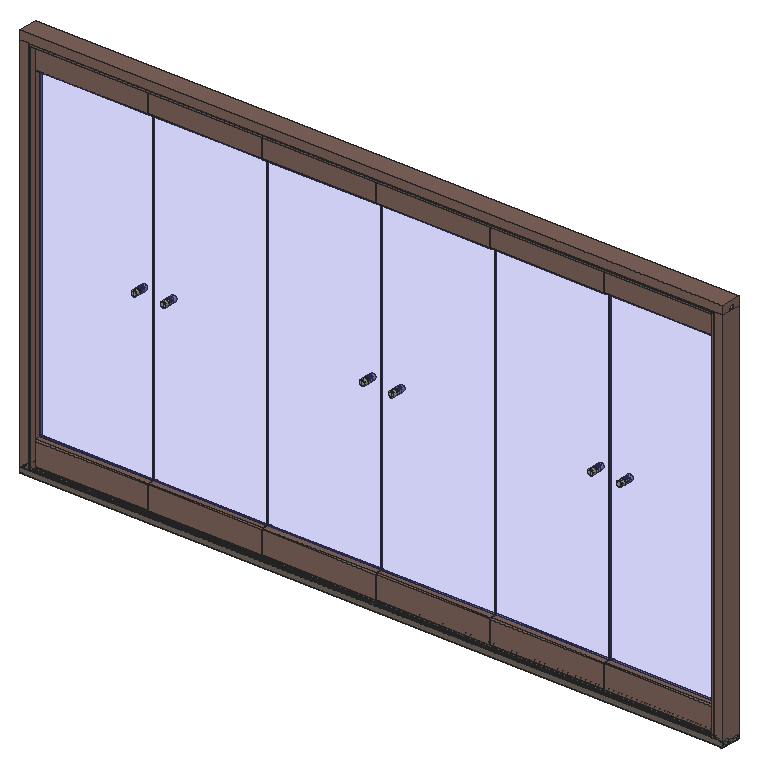
Revit family "FL6L", category Doors, host Wall, Revit 2015
Parameters (values of type "FL6L")
  Function = Interior
  Frame Projection Ext. = 25 mm
  Frame Projection Int. = 25 mm
  Frame Width = 75 mm
  Height = 2100 mm
  Wall Closure = By host
  Width = 3720 mm
Reference planes
  plane 1: y = 0
  plane 2 "Center (Left/Right)": x = 0
  plane 3 "Left": x = -1860
  plane 4 "Right": x = 1860
  plane 5: z = 2100
  plane 6 "Exterior": y = 75
  plane 7 "Interior": y = -75
  plane 8: x = 1815
  plane 9: x = -1815
  plane 10: x = -1810
  plane 11: x = -1210
  plane 12: x = -1206
  plane 13: x = -606
  plane 14: x = -602
  plane 15: x = -2
  plane 16: x = 2
  plane 17: x = 602
  plane 18: x = 606
  plane 19: x = 1206
  plane 20: x = 1210
  plane 21: x = 1810
Forms (mm)
  Extrusion 1, solid, material "Aluminium Cill (Bronze)"
    sketch origin (0, 79.18, -119.746) x (0, 1, 0) y (0, 0, 1)
      loop
        line (-26.68, 120.746) -> (-26.68, 135.746)
        arc (-26.68, 135.746) -> (-27.558, 137.867) -> (-29.68, 138.746) r 3
        line (-29.68, 138.746) -> (-40.947, 138.746)
        arc (-40.947, 138.746) -> (-42.68, 137.746) -> (-44.412, 138.746) r 2
        line (-44.412, 138.746) -> (-48.947, 138.746)
        arc (-48.947, 138.746) -> (-50.68, 137.746) -> (-52.412, 138.746) r 2
        line (-52.412, 138.746) -> (-56.947, 138.746)
        arc (-56.947, 138.746) -> (-58.68, 137.746) -> (-60.412, 138.746) r 2
        line (-60.412, 138.746) -> (-67.18, 138.746) -> (-67.18, 135.246)
        arc (-67.18, 135.246) -> (-67.619, 134.185) -> (-68.68, 133.746) r 1.5
        line (-68.68, 133.746) -> (-73.43, 133.746) -> (-73.43, 135.746) -> (-71.996, 135.746)
        arc (-71.996, 135.746) -> (-74.68, 138.746) -> (-77.363, 135.746) r 2.7
        line (-77.363, 135.746) -> (-75.93, 135.746) -> (-75.93, 133.746) -> (-80.68, 133.746)
        arc (-80.68, 133.746) -> (-81.74, 134.185) -> (-82.18, 135.246) r 1.5
        line (-82.18, 135.246) -> (-82.18, 138.746) -> (-90.432, 138.746) -> (-98.68, 138.746) -> (-98.68, 143.746)
        arc (-98.68, 143.746) -> (-99.18, 144.246) -> (-99.68, 143.746) r 0.5
        line (-99.68, 143.746) -> (-99.68, 142.734) -> (-100.88, 142.734) -> (-100.88, 150.246) -> (-99.68, 150.246) -> (-99.68, 149.246)
        arc (-99.68, 149.246) -> (-99.18, 148.746) -> (-98.68, 149.246) r 0.5
        line (-98.68, 149.246) -> (-98.68, 150.746)
        arc (-98.68, 150.746) -> (-98.972, 151.453) -> (-99.68, 151.746) r 1
        line (-99.68, 151.746) -> (-109.447, 151.746)
        arc (-109.447, 151.746) -> (-111.18, 150.746) -> (-112.912, 151.746) r 2
        line (-112.912, 151.746) -> (-117.447, 151.746)
        arc (-117.447, 151.746) -> (-119.18, 150.746) -> (-120.912, 151.746) r 2
        line (-120.912, 151.746) -> (-130.68, 151.746)
        arc (-130.68, 151.746) -> (-131.387, 151.453) -> (-131.68, 150.746) r 1
        line (-131.68, 150.746) -> (-131.68, 120.746)
        arc (-131.68, 120.746) -> (-131.387, 120.039) -> (-130.68, 119.746) r 1
        line (-130.68, 119.746) -> (-27.68, 119.746)
        arc (-27.68, 119.746) -> (-26.972, 120.039) -> (-26.68, 120.746) r 1
      loop
        line (-29.68, 137.246) -> (-40.23, 137.246)
        arc (-40.23, 137.246) -> (-42.68, 136.246) -> (-45.129, 137.246) r 3.5
        line (-45.129, 137.246) -> (-48.23, 137.246)
        arc (-48.23, 137.246) -> (-50.68, 136.246) -> (-53.129, 137.246) r 3.5
        line (-53.129, 137.246) -> (-56.23, 137.246)
        arc (-56.23, 137.246) -> (-58.68, 136.246) -> (-61.129, 137.246) r 3.5
        line (-61.129, 137.246) -> (-65.68, 137.246) -> (-65.68, 135.246)
        arc (-65.68, 135.246) -> (-66.558, 133.125) -> (-68.68, 132.246) r 3
        line (-68.68, 132.246) -> (-73.93, 132.246) -> (-73.93, 121.246) -> (-28.18, 121.246) -> (-28.18, 135.746)
        arc (-28.18, 135.746) -> (-28.619, 136.807) -> (-29.68, 137.246) r 1.5
      loop
        line (-75.43, 132.246) -> (-80.68, 132.246)
        arc (-80.68, 132.246) -> (-82.801, 133.125) -> (-83.68, 135.246) r 3
        line (-83.68, 135.246) -> (-83.68, 137.246) -> (-98.68, 137.246) -> (-98.68, 121.246) -> (-75.43, 121.246) -> (-75.43, 132.246)
      loop
        line (-100.18, 121.246) -> (-100.18, 141.246) -> (-102.38, 141.246) -> (-102.38, 150.246) -> (-108.73, 150.246)
        arc (-108.73, 150.246) -> (-111.18, 149.246) -> (-113.629, 150.246) r 3.5
        line (-113.629, 150.246) -> (-116.73, 150.246)
        arc (-116.73, 150.246) -> (-119.18, 149.246) -> (-121.629, 150.246) r 3.5
        line (-121.629, 150.246) -> (-130.18, 150.246) -> (-130.18, 121.246) -> (-100.18, 121.246)
    from -1860 to 1860
  Extrusion 2, solid, material "Meranti (Frameless)"
    sketch origin (0, 0, 0) x (0, 1, 0) y (0, 0, 1)
      loop
        line (52.5, 2100) -> (-52.5, 2100) -> (-52.5, 2055) -> (-6.5, 2055) -> (-6.5, 2075) -> (15.5, 2075) -> (15.5, 2055) -> (52.5, 2055) -> (52.5, 2100)
    from -1860 to 1860
  Extrusion 3, solid, material "Meranti (Frameless)"
    sketch origin (0, 0, 0) x (1, 0, 0) y (0, 1, 0)
      loop
        line (-1860, 52.5) -> (-1860, -52.5) -> (-1815, -52.5) -> (-1815, 24.5) -> (-1827, 24.5) -> (-1827, 52.5) -> (-1860, 52.5)
      loop
        line (1860, 52.5) -> (1827, 52.5) -> (1827, 24.5) -> (1815, 24.5) -> (1815, -52.5) -> (1860, -52.5) -> (1860, 52.5)
    from 32 to 2055
  Extrusion 4, solid, material "Meranti (Frameless)"
    sketch origin (0, 0, 0) x (1, 0, 0) y (0, 1, 0)
      loop
        line (-1860, 52.5) -> (-1860, -19.5) -> (-1815, -19.5) -> (-1815, 24.5) -> (-1827, 24.5) -> (-1827, 52.5) -> (-1860, 52.5)
      loop
        line (1860, 52.5) -> (1827, 52.5) -> (1827, 24.5) -> (1815, 24.5) -> (1815, -19.5) -> (1860, -19.5) -> (1860, 52.5)
    from 19 to 32
  Extrusion 5, solid, material "Meranti (Frameless)"
    sketch origin (0, 0, 0) x (0, 1, 0) y (0, 0, 1)
      loop
        line (-52.5, 2052) -> (-52.5, 2042) -> (-26.5, 2042) -> (-26.5, 2045.5) -> (-33.5, 2045.5) -> (-33.5, 2048.5) -> (-26.5, 2048.5) -> (-26.5, 2055) -> (-49.5, 2055) -> (-49.5, 2052) -> (-52.5, 2052)
    from -1815 to 1815
  Extrusion 6, solid, material "Meranti (Frameless)"
    sketch origin (0, 0, 0) x (1, 0, 0) y (0, 1, 0)
      loop
        line (-1812, -52.5) -> (-1802, -52.5) -> (-1802, -26.5) -> (-1805.5, -26.5) -> (-1805.5, -33.5) -> (-1808.5, -33.5) -> (-1808.5, -26.5) -> (-1815, -26.5) -> (-1815, -49.5) -> (-1812, -49.5) -> (-1812, -52.5)
      loop
        line (1812, -52.5) -> (1812, -49.5) -> (1815, -49.5) -> (1815, -26.5) -> (1808.5, -26.5) -> (1808.5, -33.5) -> (1805.5, -33.5) -> (1805.5, -26.5) -> (1802, -26.5) -> (1802, -52.5) -> (1812, -52.5)
    from 32 to 2042
  Extrusion 7, solid, material "Steel, Chrome Plated"
    sketch origin (667.231, -1.5, 0) x (0, 1, 0) y (0, 0, 1)
      loop
        line (16.5, 2075) -> (-4.5, 2075) -> (-4.5, 2055) -> (-2.3, 2055) -> (-2.3, 2072.8) -> (14.3, 2072.8) -> (14.3, 2055) -> (16.5, 2055) -> (16.5, 2075)
    from -2527.231 to 1192.769
  Extrusion 8, solid, material "Meranti (Frameless)"
    sketch origin (900, 0, 0) x (0, 1, 0) y (0, 0, 1)
      loop
        line (24.5, 24) -> (24.5, 112) -> (13, 112) -> (13, 162) -> (-15.5, 162) -> (-20.5, 157) -> (-20.5, 37) -> (-15.5, 37) -> (-15.5, 24) -> (24.5, 24)
      loop
        line (24.5, 2050) -> (-20.5, 2050) -> (-20.5, 1917) -> (-15.5, 1912) -> (13, 1912) -> (13, 1962) -> (24.5, 1962) -> (24.5, 2050)
    from 310 to 910
  Extrusion 9, solid, material "Glass"
    sketch origin (1373.601, -93.1, -804.253) x (1, 0, 0) y (0, 0, 1)
      loop
        line (-163.601, 2766.253) -> (-163.601, 916.253) -> (436.399, 916.253) -> (436.399, 2766.253) -> (-163.601, 2766.253)
    from -116.1 to -106.1
  Extrusion 10, solid, material "Rubber, Black"
    sketch origin (902.5, 0, 0) x (0, 1, 0) y (0, 0, 1)
      loop
        line (24.5, 112) -> (24.5, 162) -> (23, 162) -> (23, 112) -> (24.5, 112)
      loop
        line (24.5, 1912) -> (24.5, 1962) -> (23, 1962) -> (23, 1912) -> (24.5, 1912)
    from 307.5 to 907.5
  Revolve 11, solid, material "Steel, S 460"
    sketch origin (1360, 0, 0) x (0, 1, 0) y (0, 0, 1)
      loop
        line (24.5, 1941.5) -> (31.5, 1941.5) -> (31.5, 1950) -> (29.5, 1952) -> (24.5, 1952) -> (24.5, 1941.5)
      axis (31.5, 1937) -> (24.5, 1937)
    angle from 0 to 360
  Revolve 12, solid, material "Steel, S 460"
    sketch origin (1660, 0, 0) x (0, 1, 0) y (0, 0, -1)
      loop
        line (24.5, -1941.5) -> (24.5, -1952) -> (29.5, -1952) -> (31.5, -1950) -> (31.5, -1941.5) -> (24.5, -1941.5)
      axis (31.5, -1937) -> (24.5, -1937)
    angle from 0 to 360
  Revolve 13, solid, material "Steel, S 460"
    sketch origin (1360, 0, -1800) x (0, 1, 0) y (0, 0, 1)
      loop
        line (24.5, 1941.5) -> (31.5, 1941.5) -> (31.5, 1950) -> (29.5, 1952) -> (24.5, 1952) -> (24.5, 1941.5)
      axis (31.5, 1937) -> (24.5, 1937)
    angle from 0 to 360
  Revolve 14, solid, material "Steel, S 460"
    sketch origin (1660, 0, -1800) x (0, 1, 0) y (0, 0, -1)
      loop
        line (24.5, -1941.5) -> (24.5, -1952) -> (29.5, -1952) -> (31.5, -1950) -> (31.5, -1941.5) -> (24.5, -1941.5)
      axis (31.5, -1937) -> (24.5, -1937)
    angle from 0 to 360
  Revolve 15, solid, material "Steel, Chrome Plated"
    sketch origin (1285, -128.249, 10.323) x (0, 1, 0) y (0, 0, 1)
      loop
        line (151.249, 1026.677) -> (181.249, 1026.677) -> (181.249, 1040.677) -> (180.249, 1041.677) -> (164.249, 1041.677) -> (159.249, 1036.677) -> (154.249, 1041.677) -> (151.249, 1041.677) -> (151.249, 1026.677)
      axis (181.249, 1026.677) -> (151.249, 1026.677)
    angle from 0 to 360
  Revolve 16, solid, material "Steel, Chrome Plated"
    sketch origin (1285, 164.249, 10.323) x (0, -1, 0) y (0, 0, -1)
      loop
        line (151.249, -1026.677) -> (151.249, -1041.677) -> (154.249, -1041.677) -> (159.249, -1036.677) -> (164.249, -1041.677) -> (180.249, -1041.677) -> (181.249, -1040.677) -> (181.249, -1026.677) -> (151.249, -1026.677)
      axis (181.249, -1026.677) -> (151.249, -1026.677)
    angle from 0 to 360
  Extrusion 17, solid, material "Meranti (Frameless)"
    sketch origin (296, 0, 0) x (0, 1, 0) y (0, 0, 1)
      loop
        line (24.5, 24) -> (24.5, 112) -> (13, 112) -> (13, 162) -> (-15.5, 162) -> (-20.5, 157) -> (-20.5, 37) -> (-15.5, 37) -> (-15.5, 24) -> (24.5, 24)
      loop
        line (24.5, 2050) -> (-20.5, 2050) -> (-20.5, 1917) -> (-15.5, 1912) -> (13, 1912) -> (13, 1962) -> (24.5, 1962) -> (24.5, 2050)
    from 310 to 910
  Extrusion 18, solid, material "Glass"
    sketch origin (769.601, -93.1, -804.253) x (1, 0, 0) y (0, 0, 1)
      loop
        line (-163.601, 2766.253) -> (-163.601, 916.253) -> (436.399, 916.253) -> (436.399, 2766.253) -> (-163.601, 2766.253)
    from -116.1 to -106.1
  Extrusion 19, solid, material "Rubber, Black"
    sketch origin (298.5, 0, 0) x (0, 1, 0) y (0, 0, 1)
      loop
        line (24.5, 112) -> (24.5, 162) -> (23, 162) -> (23, 112) -> (24.5, 112)
      loop
        line (24.5, 1912) -> (24.5, 1962) -> (23, 1962) -> (23, 1912) -> (24.5, 1912)
    from 307.5 to 907.5
  Revolve 20, solid, material "Steel, S 460"
    sketch origin (756, 0, 0) x (0, 1, 0) y (0, 0, 1)
      loop
        line (24.5, 1941.5) -> (31.5, 1941.5) -> (31.5, 1950) -> (29.5, 1952) -> (24.5, 1952) -> (24.5, 1941.5)
      axis (31.5, 1937) -> (24.5, 1937)
    angle from 0 to 360
  Revolve 21, solid, material "Steel, S 460"
    sketch origin (1056, 0, 0) x (0, 1, 0) y (0, 0, -1)
      loop
        line (24.5, -1941.5) -> (24.5, -1952) -> (29.5, -1952) -> (31.5, -1950) -> (31.5, -1941.5) -> (24.5, -1941.5)
      axis (31.5, -1937) -> (24.5, -1937)
    angle from 0 to 360
  Revolve 22, solid, material "Steel, S 460"
    sketch origin (756, 0, -1800) x (0, 1, 0) y (0, 0, 1)
      loop
        line (24.5, 1941.5) -> (31.5, 1941.5) -> (31.5, 1950) -> (29.5, 1952) -> (24.5, 1952) -> (24.5, 1941.5)
      axis (31.5, 1937) -> (24.5, 1937)
    angle from 0 to 360
  Revolve 23, solid, material "Steel, S 460"
    sketch origin (1056, 0, -1800) x (0, 1, 0) y (0, 0, -1)
      loop
        line (24.5, -1941.5) -> (24.5, -1952) -> (29.5, -1952) -> (31.5, -1950) -> (31.5, -1941.5) -> (24.5, -1941.5)
      axis (31.5, -1937) -> (24.5, -1937)
    angle from 0 to 360
  Extrusion 24, solid, material "Meranti (Frameless)"
    sketch origin (-308, 0, 0) x (0, 1, 0) y (0, 0, 1)
      loop
        line (24.5, 24) -> (24.5, 112) -> (13, 112) -> (13, 162) -> (-15.5, 162) -> (-20.5, 157) -> (-20.5, 37) -> (-15.5, 37) -> (-15.5, 24) -> (24.5, 24)
      loop
        line (24.5, 2050) -> (-20.5, 2050) -> (-20.5, 1917) -> (-15.5, 1912) -> (13, 1912) -> (13, 1962) -> (24.5, 1962) -> (24.5, 2050)
    from 310 to 910
  Extrusion 25, solid, material "Glass"
    sketch origin (165.601, -93.1, -804.253) x (1, 0, 0) y (0, 0, 1)
      loop
        line (-163.601, 2766.253) -> (-163.601, 916.253) -> (436.399, 916.253) -> (436.399, 2766.253) -> (-163.601, 2766.253)
    from -116.1 to -106.1
  Extrusion 26, solid, material "Rubber, Black"
    sketch origin (-305.5, 0, 0) x (0, 1, 0) y (0, 0, 1)
      loop
        line (24.5, 112) -> (24.5, 162) -> (23, 162) -> (23, 112) -> (24.5, 112)
      loop
        line (24.5, 1912) -> (24.5, 1962) -> (23, 1962) -> (23, 1912) -> (24.5, 1912)
    from 307.5 to 907.5
  Revolve 27, solid, material "Steel, S 460"
    sketch origin (152, 0, 0) x (0, 1, 0) y (0, 0, 1)
      loop
        line (24.5, 1941.5) -> (31.5, 1941.5) -> (31.5, 1950) -> (29.5, 1952) -> (24.5, 1952) -> (24.5, 1941.5)
      axis (31.5, 1937) -> (24.5, 1937)
    angle from 0 to 360
  Revolve 28, solid, material "Steel, S 460"
    sketch origin (452, 0, 0) x (0, 1, 0) y (0, 0, -1)
      loop
        line (24.5, -1941.5) -> (24.5, -1952) -> (29.5, -1952) -> (31.5, -1950) -> (31.5, -1941.5) -> (24.5, -1941.5)
      axis (31.5, -1937) -> (24.5, -1937)
    angle from 0 to 360
  Revolve 29, solid, material "Steel, S 460"
    sketch origin (152, 0, -1800) x (0, 1, 0) y (0, 0, 1)
      loop
        line (24.5, 1941.5) -> (31.5, 1941.5) -> (31.5, 1950) -> (29.5, 1952) -> (24.5, 1952) -> (24.5, 1941.5)
      axis (31.5, 1937) -> (24.5, 1937)
    angle from 0 to 360
  Revolve 30, solid, material "Steel, S 460"
    sketch origin (452, 0, -1800) x (0, 1, 0) y (0, 0, -1)
      loop
        line (24.5, -1941.5) -> (24.5, -1952) -> (29.5, -1952) -> (31.5, -1950) -> (31.5, -1941.5) -> (24.5, -1941.5)
      axis (31.5, -1937) -> (24.5, -1937)
    angle from 0 to 360
  Revolve 31, solid, material "Steel, Chrome Plated"
    sketch origin (77, -128.249, 10.323) x (0, 1, 0) y (0, 0, 1)
      loop
        line (151.249, 1026.677) -> (181.249, 1026.677) -> (181.249, 1040.677) -> (180.249, 1041.677) -> (164.249, 1041.677) -> (159.249, 1036.677) -> (154.249, 1041.677) -> (151.249, 1041.677) -> (151.249, 1026.677)
      axis (181.249, 1026.677) -> (151.249, 1026.677)
    angle from 0 to 360
  Revolve 32, solid, material "Steel, Chrome Plated"
    sketch origin (77, 164.249, 10.323) x (0, -1, 0) y (0, 0, -1)
      loop
        line (151.249, -1026.677) -> (151.249, -1041.677) -> (154.249, -1041.677) -> (159.249, -1036.677) -> (164.249, -1041.677) -> (180.249, -1041.677) -> (181.249, -1040.677) -> (181.249, -1026.677) -> (151.249, -1026.677)
      axis (181.249, -1026.677) -> (151.249, -1026.677)
    angle from 0 to 360
  Extrusion 33, solid, material "Meranti (Frameless)"
    sketch origin (-912, 0, 0) x (0, 1, 0) y (0, 0, 1)
      loop
        line (24.5, 24) -> (24.5, 112) -> (13, 112) -> (13, 162) -> (-15.5, 162) -> (-20.5, 157) -> (-20.5, 37) -> (-15.5, 37) -> (-15.5, 24) -> (24.5, 24)
      loop
        line (24.5, 2050) -> (-20.5, 2050) -> (-20.5, 1917) -> (-15.5, 1912) -> (13, 1912) -> (13, 1962) -> (24.5, 1962) -> (24.5, 2050)
    from 310 to 910
  Extrusion 34, solid, material "Glass"
    sketch origin (-438.399, -93.1, -804.253) x (1, 0, 0) y (0, 0, 1)
      loop
        line (-163.601, 2766.253) -> (-163.601, 916.253) -> (436.399, 916.253) -> (436.399, 2766.253) -> (-163.601, 2766.253)
    from -116.1 to -106.1
  Extrusion 35, solid, material "Rubber, Black"
    sketch origin (-909.5, 0, 0) x (0, 1, 0) y (0, 0, 1)
      loop
        line (24.5, 112) -> (24.5, 162) -> (23, 162) -> (23, 112) -> (24.5, 112)
      loop
        line (24.5, 1912) -> (24.5, 1962) -> (23, 1962) -> (23, 1912) -> (24.5, 1912)
    from 307.5 to 907.5
  Revolve 36, solid, material "Steel, S 460"
    sketch origin (-452, 0, 0) x (0, 1, 0) y (0, 0, 1)
      loop
        line (24.5, 1941.5) -> (31.5, 1941.5) -> (31.5, 1950) -> (29.5, 1952) -> (24.5, 1952) -> (24.5, 1941.5)
      axis (31.5, 1937) -> (24.5, 1937)
    angle from 0 to 360
  Revolve 37, solid, material "Steel, S 460"
    sketch origin (-152, 0, 0) x (0, 1, 0) y (0, 0, -1)
      loop
        line (24.5, -1941.5) -> (24.5, -1952) -> (29.5, -1952) -> (31.5, -1950) -> (31.5, -1941.5) -> (24.5, -1941.5)
      axis (31.5, -1937) -> (24.5, -1937)
    angle from 0 to 360
  Revolve 38, solid, material "Steel, S 460"
    sketch origin (-452, 0, -1800) x (0, 1, 0) y (0, 0, 1)
      loop
        line (24.5, 1941.5) -> (31.5, 1941.5) -> (31.5, 1950) -> (29.5, 1952) -> (24.5, 1952) -> (24.5, 1941.5)
      axis (31.5, 1937) -> (24.5, 1937)
    angle from 0 to 360
  Revolve 39, solid, material "Steel, S 460"
    sketch origin (-152, 0, -1800) x (0, 1, 0) y (0, 0, -1)
      loop
        line (24.5, -1941.5) -> (24.5, -1952) -> (29.5, -1952) -> (31.5, -1950) -> (31.5, -1941.5) -> (24.5, -1941.5)
      axis (31.5, -1937) -> (24.5, -1937)
    angle from 0 to 360
  Extrusion 40, solid, material "Meranti (Frameless)"
    sketch origin (-1516, 0, 0) x (0, 1, 0) y (0, 0, 1)
      loop
        line (24.5, 24) -> (24.5, 112) -> (13, 112) -> (13, 162) -> (-15.5, 162) -> (-20.5, 157) -> (-20.5, 37) -> (-15.5, 37) -> (-15.5, 24) -> (24.5, 24)
      loop
        line (24.5, 2050) -> (-20.5, 2050) -> (-20.5, 1917) -> (-15.5, 1912) -> (13, 1912) -> (13, 1962) -> (24.5, 1962) -> (24.5, 2050)
    from 310 to 910
  Extrusion 41, solid, material "Glass"
    sketch origin (-1042.399, -93.1, -804.253) x (1, 0, 0) y (0, 0, 1)
      loop
        line (-163.601, 2766.253) -> (-163.601, 916.253) -> (436.399, 916.253) -> (436.399, 2766.253) -> (-163.601, 2766.253)
    from -116.1 to -106.1
  Extrusion 42, solid, material "Rubber, Black"
    sketch origin (-1513.5, 0, 0) x (0, 1, 0) y (0, 0, 1)
      loop
        line (24.5, 112) -> (24.5, 162) -> (23, 162) -> (23, 112) -> (24.5, 112)
      loop
        line (24.5, 1912) -> (24.5, 1962) -> (23, 1962) -> (23, 1912) -> (24.5, 1912)
    from 307.5 to 907.5
  Revolve 43, solid, material "Steel, S 460"
    sketch origin (-1056, 0, 0) x (0, 1, 0) y (0, 0, 1)
      loop
        line (24.5, 1941.5) -> (31.5, 1941.5) -> (31.5, 1950) -> (29.5, 1952) -> (24.5, 1952) -> (24.5, 1941.5)
      axis (31.5, 1937) -> (24.5, 1937)
    angle from 0 to 360
  Revolve 44, solid, material "Steel, S 460"
    sketch origin (-756, 0, 0) x (0, 1, 0) y (0, 0, -1)
      loop
        line (24.5, -1941.5) -> (24.5, -1952) -> (29.5, -1952) -> (31.5, -1950) -> (31.5, -1941.5) -> (24.5, -1941.5)
      axis (31.5, -1937) -> (24.5, -1937)
    angle from 0 to 360
  Revolve 45, solid, material "Steel, S 460"
    sketch origin (-1056, 0, -1800) x (0, 1, 0) y (0, 0, 1)
      loop
        line (24.5, 1941.5) -> (31.5, 1941.5) -> (31.5, 1950) -> (29.5, 1952) -> (24.5, 1952) -> (24.5, 1941.5)
      axis (31.5, 1937) -> (24.5, 1937)
    angle from 0 to 360
  Revolve 46, solid, material "Steel, S 460"
    sketch origin (-756, 0, -1800) x (0, 1, 0) y (0, 0, -1)
      loop
        line (24.5, -1941.5) -> (24.5, -1952) -> (29.5, -1952) -> (31.5, -1950) -> (31.5, -1941.5) -> (24.5, -1941.5)
      axis (31.5, -1937) -> (24.5, -1937)
    angle from 0 to 360
  Revolve 47, solid, material "Steel, Chrome Plated"
    sketch origin (-1131, -128.249, 10.323) x (0, 1, 0) y (0, 0, 1)
      loop
        line (151.249, 1026.677) -> (181.249, 1026.677) -> (181.249, 1040.677) -> (180.249, 1041.677) -> (164.249, 1041.677) -> (159.249, 1036.677) -> (154.249, 1041.677) -> (151.249, 1041.677) -> (151.249, 1026.677)
      axis (181.249, 1026.677) -> (151.249, 1026.677)
    angle from 0 to 360
  Revolve 48, solid, material "Steel, Chrome Plated"
    sketch origin (-1131, 164.249, 10.323) x (0, -1, 0) y (0, 0, -1)
      loop
        line (151.249, -1026.677) -> (151.249, -1041.677) -> (154.249, -1041.677) -> (159.249, -1036.677) -> (164.249, -1041.677) -> (180.249, -1041.677) -> (181.249, -1040.677) -> (181.249, -1026.677) -> (151.249, -1026.677)
      axis (181.249, -1026.677) -> (151.249, -1026.677)
    angle from 0 to 360
  Extrusion 49, solid, material "Meranti (Frameless)"
    sketch origin (-2120, 0, 0) x (0, 1, 0) y (0, 0, 1)
      loop
        line (24.5, 24) -> (24.5, 112) -> (13, 112) -> (13, 162) -> (-15.5, 162) -> (-20.5, 157) -> (-20.5, 37) -> (-15.5, 37) -> (-15.5, 24) -> (24.5, 24)
      loop
        line (24.5, 2050) -> (-20.5, 2050) -> (-20.5, 1917) -> (-15.5, 1912) -> (13, 1912) -> (13, 1962) -> (24.5, 1962) -> (24.5, 2050)
    from 310 to 910
  Extrusion 50, solid, material "Glass"
    sketch origin (-1646.399, -93.1, -804.253) x (1, 0, 0) y (0, 0, 1)
      loop
        line (-163.601, 2766.253) -> (-163.601, 916.253) -> (436.399, 916.253) -> (436.399, 2766.253) -> (-163.601, 2766.253)
    from -116.1 to -106.1
  Extrusion 51, solid, material "Rubber, Black"
    sketch origin (-2117.5, 0, 0) x (0, 1, 0) y (0, 0, 1)
      loop
        line (24.5, 112) -> (24.5, 162) -> (23, 162) -> (23, 112) -> (24.5, 112)
      loop
        line (24.5, 1912) -> (24.5, 1962) -> (23, 1962) -> (23, 1912) -> (24.5, 1912)
    from 307.5 to 907.5
  Revolve 52, solid, material "Steel, S 460"
    sketch origin (-1660, 0, 0) x (0, 1, 0) y (0, 0, 1)
      loop
        line (24.5, 1941.5) -> (31.5, 1941.5) -> (31.5, 1950) -> (29.5, 1952) -> (24.5, 1952) -> (24.5, 1941.5)
      axis (31.5, 1937) -> (24.5, 1937)
    angle from 0 to 360
  Revolve 53, solid, material "Steel, S 460"
    sketch origin (-1360, 0, 0) x (0, 1, 0) y (0, 0, -1)
      loop
        line (24.5, -1941.5) -> (24.5, -1952) -> (29.5, -1952) -> (31.5, -1950) -> (31.5, -1941.5) -> (24.5, -1941.5)
      axis (31.5, -1937) -> (24.5, -1937)
    angle from 0 to 360
  Revolve 54, solid, material "Steel, S 460"
    sketch origin (-1660, 0, -1800) x (0, 1, 0) y (0, 0, 1)
      loop
        line (24.5, 1941.5) -> (31.5, 1941.5) -> (31.5, 1950) -> (29.5, 1952) -> (24.5, 1952) -> (24.5, 1941.5)
      axis (31.5, 1937) -> (24.5, 1937)
    angle from 0 to 360
  Revolve 55, solid, material "Steel, S 460"
    sketch origin (-1360, 0, -1800) x (0, 1, 0) y (0, 0, -1)
      loop
        line (24.5, -1941.5) -> (24.5, -1952) -> (29.5, -1952) -> (31.5, -1950) -> (31.5, -1941.5) -> (24.5, -1941.5)
      axis (31.5, -1937) -> (24.5, -1937)
    angle from 0 to 360
  Revolve 56, solid, material "Steel, Chrome Plated"
    sketch origin (1131, -128.249, 10.323) x (0, 1, 0) y (0, 0, -1)
      loop
        line (151.249, -1026.677) -> (151.249, -1041.677) -> (154.249, -1041.677) -> (159.249, -1036.677) -> (164.249, -1041.677) -> (180.249, -1041.677) -> (181.249, -1040.677) -> (181.249, -1026.677) -> (151.249, -1026.677)
      axis (181.249, -1026.677) -> (151.249, -1026.677)
    angle from 0 to 360
  Revolve 57, solid, material "Steel, Chrome Plated"
    sketch origin (1131, 164.249, 10.323) x (0, -1, 0) y (0, 0, 1)
      loop
        line (151.249, 1026.677) -> (181.249, 1026.677) -> (181.249, 1040.677) -> (180.249, 1041.677) -> (164.249, 1041.677) -> (159.249, 1036.677) -> (154.249, 1041.677) -> (151.249, 1041.677) -> (151.249, 1026.677)
      axis (181.249, 1026.677) -> (151.249, 1026.677)
    angle from 0 to 360
  Revolve 58, solid, material "Steel, Chrome Plated"
    sketch origin (-77, -128.249, 10.323) x (0, 1, 0) y (0, 0, -1)
      loop
        line (151.249, -1026.677) -> (151.249, -1041.677) -> (154.249, -1041.677) -> (159.249, -1036.677) -> (164.249, -1041.677) -> (180.249, -1041.677) -> (181.249, -1040.677) -> (181.249, -1026.677) -> (151.249, -1026.677)
      axis (181.249, -1026.677) -> (151.249, -1026.677)
    angle from 0 to 360
  Revolve 59, solid, material "Steel, Chrome Plated"
    sketch origin (-77, 164.249, 10.323) x (0, -1, 0) y (0, 0, 1)
      loop
        line (151.249, 1026.677) -> (181.249, 1026.677) -> (181.249, 1040.677) -> (180.249, 1041.677) -> (164.249, 1041.677) -> (159.249, 1036.677) -> (154.249, 1041.677) -> (151.249, 1041.677) -> (151.249, 1026.677)
      axis (181.249, 1026.677) -> (151.249, 1026.677)
    angle from 0 to 360
  Revolve 60, solid, material "Steel, Chrome Plated"
    sketch origin (-1285, -128.249, 10.323) x (0, 1, 0) y (0, 0, -1)
      loop
        line (151.249, -1026.677) -> (151.249, -1041.677) -> (154.249, -1041.677) -> (159.249, -1036.677) -> (164.249, -1041.677) -> (180.249, -1041.677) -> (181.249, -1040.677) -> (181.249, -1026.677) -> (151.249, -1026.677)
      axis (181.249, -1026.677) -> (151.249, -1026.677)
    angle from 0 to 360
  Revolve 61, solid, material "Steel, Chrome Plated"
    sketch origin (-1285, 164.249, 10.323) x (0, -1, 0) y (0, 0, 1)
      loop
        line (151.249, 1026.677) -> (181.249, 1026.677) -> (181.249, 1040.677) -> (180.249, 1041.677) -> (164.249, 1041.677) -> (159.249, 1036.677) -> (154.249, 1041.677) -> (151.249, 1041.677) -> (151.249, 1026.677)
      axis (181.249, 1026.677) -> (151.249, 1026.677)
    angle from 0 to 360
Cuts and joins
  joined: Extrusion 3, Extrusion 4
Lines and regions (mm)
  Opening 1
    outline origin (-3050, -75, 0) x (1, 0, 0) y (0, 0, 1)
      loop
        line (1190, 0) -> (4910, 0) -> (4910, 2100) -> (1190, 2100) -> (1190, 0)
  model lines
    curve 1: line (1338.302, 75, 1050) -> (1513.302, 75, 1050)
    curve 2: line (1652.379, 75, 1050) -> (1513.302, 75, 1106.191)
    curve 3: line (1513.302, 75, 1106.191) -> (1513.302, 75, 993.809)
    curve 4: line (1652.379, 75, 1050) -> (1513.302, 75, 993.809)
    curve 5: line (734.302, 75, 1050) -> (909.302, 75, 1050)
    curve 6: line (1048.379, 75, 1050) -> (909.302, 75, 1106.191)
    curve 7: line (909.302, 75, 1106.191) -> (909.302, 75, 993.809)
    curve 8: line (1048.379, 75, 1050) -> (909.302, 75, 993.809)
    curve 9: line (130.302, 75, 1050) -> (305.302, 75, 1050)
    curve 10: line (444.379, 75, 1050) -> (305.302, 75, 1106.191)
    curve 11: line (305.302, 75, 1106.191) -> (305.302, 75, 993.809)
    curve 12: line (444.379, 75, 1050) -> (305.302, 75, 993.809)
    curve 13: line (-1338.302, 75, 1050) -> (-1513.302, 75, 1050)
    curve 14: line (-1652.379, 75, 1050) -> (-1513.302, 75, 1106.191)
    curve 15: line (-1513.302, 75, 1106.191) -> (-1513.302, 75, 993.809)
    curve 16: line (-1652.379, 75, 1050) -> (-1513.302, 75, 993.809)
    curve 17: line (-734.302, 75, 1050) -> (-909.302, 75, 1050)
    curve 18: line (-1048.379, 75, 1050) -> (-909.302, 75, 1106.191)
    curve 19: line (-909.302, 75, 1106.191) -> (-909.302, 75, 993.809)
    curve 20: line (-1048.379, 75, 1050) -> (-909.302, 75, 993.809)
    curve 21: line (-130.302, 75, 1050) -> (-305.302, 75, 1050)
    curve 22: line (-444.379, 75, 1050) -> (-305.302, 75, 1106.191)
    curve 23: line (-305.302, 75, 1106.191) -> (-305.302, 75, 993.809)
    curve 24: line (-444.379, 75, 1050) -> (-305.302, 75, 993.809)
    curve 25: line (-1810, 24.5, 0) -> (-1604.788, 588.316, 0)
    curve 26: line (-1604.788, 588.316, 0) -> (-1562.502, 572.925, 0)
    curve 27: line (-1562.502, 572.925, 0) -> (-1767.714, 9.109, 0)
    curve 28: line (-1314.782, 23.892, 0) -> (-1520.216, 588.316, 0)
    curve 29: line (-1520.216, 588.316, 0) -> (-1562.502, 572.925, 0)
    curve 30: line (-1562.502, 572.925, 0) -> (-1357.29, 9.109, 0)
    curve 31: line (-1314.782, 23.892, 0) -> (-1109.349, 588.316, 0)
    curve 32: line (-1109.349, 588.316, 0) -> (-1067.063, 572.925, 0)
    curve 33: line (-1067.063, 572.925, 0) -> (-1272.275, 9.109, 0)
    curve 34: line (1810, 24.5, 0) -> (1604.788, 588.316, 0)
    curve 35: line (1604.788, 588.316, 0) -> (1562.502, 572.925, 0)
    curve 36: line (1562.502, 572.925, 0) -> (1767.714, 9.109, 0)
    curve 37: line (1314.782, 23.892, 0) -> (1520.216, 588.316, 0)
    curve 38: line (1520.216, 588.316, 0) -> (1562.502, 572.925, 0)
    curve 39: line (1562.502, 572.925, 0) -> (1357.29, 9.109, 0)
    curve 40: line (1314.782, 23.892, 0) -> (1109.349, 588.316, 0)
    curve 41: line (1109.349, 588.316, 0) -> (1067.063, 572.925, 0)
    curve 42: line (1067.063, 572.925, 0) -> (1272.275, 9.109, 0)
Text (mm)
  text "Exterior" at (-2295.016, 1099.543, 0), in view "Ref. Level"
  text "Exterior" at (0, 1615.38, 3698.081), in view "Left"
  text "Exterior" at (0, 1036.032, 3874.932), in view "Right"
Dimensions and locks
  equal spacing: plane 3 "Left", plane 2 "Center (Left/Right)", plane 4 "Right"
  "Width": plane 3 "Left" to plane 4 "Right"
  "Height": plane 5 to host wall
  host wall to plane 5 = 2100 mm  (x2)
  locked: plane 6 "Exterior" to host wall at 0
  locked: plane 7 "Interior" to host wall
  plane 3 "Left" to plane 4 "Right" = 3720 mm
  aligned and locked: plane 3 "Left" to Opening 1 sketch curve
  aligned and locked: plane 5 to Opening 1 sketch curve  (x2)
  aligned and locked: Opening 1 sketch curve to plane 4 "Right"
  aligned and locked: Opening 1 sketch curve to level
  aligned and locked: host wall to plane 1
  aligned and locked: Extrusion 1 to host wall  (x2)
  aligned and locked: Extrusion 2 to host wall  (x2)
  aligned and locked: Extrusion 4 to Extrusion 1  (x2)
  aligned and locked: Extrusion 3 to Extrusion 1
  aligned and locked: Extrusion 3 to Extrusion 2
  aligned and locked: Extrusion 6 to Extrusion 1
  aligned and locked: Extrusion 6 to Extrusion 5
  aligned and locked: Extrusion 8 to Extrusion 10  (x2)
  aligned and locked: Extrusion 17 to Extrusion 19  (x2)
  aligned and locked: Extrusion 24 to Extrusion 26  (x2)
  aligned and locked: Extrusion 33 to Extrusion 35  (x2)
  aligned and locked: Extrusion 40 to Extrusion 42  (x2)
  aligned and locked: Extrusion 49 to Extrusion 51  (x2)
Automatic sketch dimensions
  Extrusion 6 sketch curve to plane 9 = 0 mm
  Extrusion 6 sketch curve to plane 8 = 0 mm
  Extrusion 6 sketch curve to plane 10 = 2 mm
  plane 10 to Extrusion 6 sketch curve = 1.5 mm
  Extrusion 6 sketch curve to Extrusion 6 sketch curve = 3 mm  (x3)
  plane 10 to Extrusion 6 sketch curve = 8 mm
  Extrusion 6 sketch curve to plane 21 = 8 mm
  Extrusion 6 sketch curve to plane 21 = 4.5 mm
  Extrusion 6 sketch curve to plane 21 = 1.5 mm
  plane 21 to Extrusion 6 sketch curve = 2 mm
  Extrusion 6 sketch curve to host wall = 22.5 mm  (x2)
  Extrusion 6 sketch curve to Extrusion 6 sketch curve = 16 mm  (x2)
  Extrusion 6 sketch curve to Extrusion 6 sketch curve = 7 mm  (x2)
  Extrusion 6 sketch curve to Extrusion 6 sketch curve = 0 mm  (x2)
  plane 10 to curve 14 = 157.621 mm
  curve 14 to curve 15 = 139.078 mm
  plane 12 to curve 20 = 157.621 mm
  curve 18 to curve 19 = 139.078 mm
  plane 14 to curve 24 = 157.621 mm
  curve 22 to curve 23 = 139.078 mm
  curve 12 to plane 17 = 296.698 mm
  curve 9 to curve 12 = 139.078 mm
  curve 8 to plane 19 = 296.698 mm
  curve 5 to curve 8 = 139.078 mm
  curve 4 to plane 21 = 296.698 mm
  curve 1 to curve 2 = 139.078 mm
  level to curve 20 = 993.809 mm
  level to curve 12 = 993.809 mm
  level to curve 3 = 993.809 mm
  curve 16 to curve 19 = 0 mm
  curve 7 to curve 11 = 0 mm
  curve 23 to curve 19 = 0 mm
  curve 19 to curve 20 = 56.191 mm
  curve 23 to curve 22 = 56.191 mm
  curve 3 to curve 2 = 56.191 mm
  curve 7 to curve 6 = 56.191 mm
  curve 15 to curve 16 = 56.191 mm
  curve 11 to curve 10 = 56.191 mm
  curve 11 to curve 11 = 112.382 mm
  curve 15 to curve 14 = 112.382 mm
  curve 7 to curve 7 = 112.382 mm
  curve 3 to curve 2 = 112.382 mm
  curve 19 to curve 18 = 112.382 mm
  curve 23 to curve 22 = 112.382 mm
  curve 13 to plane 11 = 128.302 mm
  curve 17 to plane 13 = 128.302 mm
  curve 21 to plane 15 = 128.302 mm
  plane 16 to curve 9 = 128.302 mm
  plane 18 to curve 5 = 128.302 mm
  plane 20 to curve 1 = 128.302 mm
  curve 21 to curve 22 = 56.191 mm
  curve 17 to curve 18 = 56.191 mm
  curve 1 to curve 2 = 56.191 mm
  curve 5 to curve 6 = 56.191 mm
  curve 9 to curve 10 = 56.191 mm
  curve 13 to curve 14 = 56.191 mm
  Revolve 13 sketch curve to host wall = 24.5 mm
  Revolve 13 sketch curve to Revolve 13 sketch curve = 5 mm
  Revolve 13 sketch curve to Revolve 13 sketch curve = 2 mm  (x2)
  level to Revolve 13 sketch curve = 141.5 mm
  Revolve 13 sketch curve to Revolve 13 sketch curve = 8.5 mm
  Revolve 13 sketch curve to Revolve 13 sketch curve = 6.469 mm
  Revolve 13 sketch curve to Revolve 13 sketch curve = 5.515 mm
  Revolve 13 sketch curve to Revolve 13 sketch curve = 4.5 mm
  Revolve 14 sketch curve to host wall = 24.5 mm
  Revolve 14 sketch curve to Revolve 14 sketch curve = 5 mm
  Revolve 14 sketch curve to Revolve 14 sketch curve = 2 mm  (x2)
  level to Revolve 14 sketch curve = 152 mm
  Revolve 14 sketch curve to Revolve 14 sketch curve = 8.5 mm
  Revolve 14 sketch curve to Revolve 14 sketch curve = 6.469 mm
  Revolve 14 sketch curve to Revolve 14 sketch curve = 5.515 mm
  Revolve 14 sketch curve to Revolve 14 sketch curve = 4.5 mm
  Revolve 15 sketch curve to host wall = 23 mm
  Revolve 15 sketch curve to Revolve 15 sketch curve = 3 mm
  Revolve 15 sketch curve to Revolve 15 sketch curve = 5 mm  (x2)
  Revolve 15 sketch curve to Revolve 15 sketch curve = 16 mm
  Revolve 15 sketch curve to Revolve 15 sketch curve = 1 mm  (x2)
  level to Revolve 15 sketch curve = 1037 mm
  Revolve 15 sketch curve to Revolve 15 sketch curve = 10 mm
  Revolve 15 sketch curve to Revolve 15 sketch curve = 14 mm
  Revolve 15 sketch curve to Revolve 15 sketch curve = 0 mm  (x3)
  Revolve 22 sketch curve to host wall = 24.5 mm
  Revolve 22 sketch curve to Revolve 22 sketch curve = 5 mm
  Revolve 22 sketch curve to Revolve 22 sketch curve = 2 mm  (x2)
  level to Revolve 22 sketch curve = 141.5 mm
  Revolve 22 sketch curve to Revolve 22 sketch curve = 8.5 mm
  Revolve 22 sketch curve to Revolve 22 sketch curve = 6.469 mm
  Revolve 22 sketch curve to Revolve 22 sketch curve = 5.515 mm
  Revolve 22 sketch curve to Revolve 22 sketch curve = 4.5 mm
  Revolve 23 sketch curve to host wall = 24.5 mm
  Revolve 23 sketch curve to Revolve 23 sketch curve = 5 mm
  Revolve 23 sketch curve to Revolve 23 sketch curve = 2 mm  (x2)
  level to Revolve 23 sketch curve = 152 mm
  Revolve 23 sketch curve to Revolve 23 sketch curve = 8.5 mm
  Revolve 23 sketch curve to Revolve 23 sketch curve = 6.469 mm
  Revolve 23 sketch curve to Revolve 23 sketch curve = 5.515 mm
  Revolve 23 sketch curve to Revolve 23 sketch curve = 4.5 mm
  Revolve 29 sketch curve to host wall = 24.5 mm
  Revolve 29 sketch curve to Revolve 29 sketch curve = 5 mm
  Revolve 29 sketch curve to Revolve 29 sketch curve = 2 mm  (x2)
  level to Revolve 29 sketch curve = 141.5 mm
  Revolve 29 sketch curve to Revolve 29 sketch curve = 8.5 mm
  Revolve 29 sketch curve to Revolve 29 sketch curve = 6.469 mm
  Revolve 29 sketch curve to Revolve 29 sketch curve = 5.515 mm
  Revolve 29 sketch curve to Revolve 29 sketch curve = 4.5 mm
  Revolve 30 sketch curve to host wall = 24.5 mm
  Revolve 30 sketch curve to Revolve 30 sketch curve = 5 mm
  Revolve 30 sketch curve to Revolve 30 sketch curve = 2 mm  (x2)
  level to Revolve 30 sketch curve = 152 mm
  Revolve 30 sketch curve to Revolve 30 sketch curve = 8.5 mm
  Revolve 30 sketch curve to Revolve 30 sketch curve = 6.469 mm
  Revolve 30 sketch curve to Revolve 30 sketch curve = 5.515 mm
  Revolve 30 sketch curve to Revolve 30 sketch curve = 4.5 mm
  Revolve 31 sketch curve to host wall = 23 mm
  Revolve 31 sketch curve to Revolve 31 sketch curve = 3 mm
  Revolve 31 sketch curve to Revolve 31 sketch curve = 5 mm  (x2)
  Revolve 31 sketch curve to Revolve 31 sketch curve = 16 mm
  Revolve 31 sketch curve to Revolve 31 sketch curve = 1 mm  (x2)
  level to Revolve 31 sketch curve = 1037 mm
  Revolve 31 sketch curve to Revolve 31 sketch curve = 10 mm
  Revolve 31 sketch curve to Revolve 31 sketch curve = 14 mm
  Revolve 31 sketch curve to Revolve 31 sketch curve = 0 mm  (x3)
  Revolve 38 sketch curve to host wall = 24.5 mm
  Revolve 38 sketch curve to Revolve 38 sketch curve = 5 mm
  Revolve 38 sketch curve to Revolve 38 sketch curve = 2 mm  (x2)
  level to Revolve 38 sketch curve = 141.5 mm
  Revolve 38 sketch curve to Revolve 38 sketch curve = 8.5 mm
  Revolve 38 sketch curve to Revolve 38 sketch curve = 6.469 mm
  Revolve 38 sketch curve to Revolve 38 sketch curve = 5.515 mm
  Revolve 38 sketch curve to Revolve 38 sketch curve = 4.5 mm
  Revolve 39 sketch curve to host wall = 24.5 mm
  Revolve 39 sketch curve to Revolve 39 sketch curve = 5 mm
  Revolve 39 sketch curve to Revolve 39 sketch curve = 2 mm  (x2)
  level to Revolve 39 sketch curve = 152 mm
  Revolve 39 sketch curve to Revolve 39 sketch curve = 8.5 mm
  Revolve 39 sketch curve to Revolve 39 sketch curve = 6.469 mm
  Revolve 39 sketch curve to Revolve 39 sketch curve = 5.515 mm
  Revolve 39 sketch curve to Revolve 39 sketch curve = 4.5 mm
  Revolve 45 sketch curve to host wall = 24.5 mm
  Revolve 45 sketch curve to Revolve 45 sketch curve = 5 mm
  Revolve 45 sketch curve to Revolve 45 sketch curve = 2 mm  (x2)
  level to Revolve 45 sketch curve = 141.5 mm
  Revolve 45 sketch curve to Revolve 45 sketch curve = 8.5 mm
  Revolve 45 sketch curve to Revolve 45 sketch curve = 6.469 mm
  Revolve 45 sketch curve to Revolve 45 sketch curve = 5.515 mm
  Revolve 45 sketch curve to Revolve 45 sketch curve = 4.5 mm
  Revolve 46 sketch curve to host wall = 24.5 mm
  Revolve 46 sketch curve to Revolve 46 sketch curve = 5 mm
  Revolve 46 sketch curve to Revolve 46 sketch curve = 2 mm  (x2)
  level to Revolve 46 sketch curve = 152 mm
  Revolve 46 sketch curve to Revolve 46 sketch curve = 8.5 mm
  Revolve 46 sketch curve to Revolve 46 sketch curve = 6.469 mm
  Revolve 46 sketch curve to Revolve 46 sketch curve = 5.515 mm
  Revolve 46 sketch curve to Revolve 46 sketch curve = 4.5 mm
  Revolve 47 sketch curve to host wall = 23 mm
  Revolve 47 sketch curve to Revolve 47 sketch curve = 3 mm
  Revolve 47 sketch curve to Revolve 47 sketch curve = 5 mm  (x2)
  Revolve 47 sketch curve to Revolve 47 sketch curve = 16 mm
  Revolve 47 sketch curve to Revolve 47 sketch curve = 1 mm  (x2)
  level to Revolve 47 sketch curve = 1037 mm
  Revolve 47 sketch curve to Revolve 47 sketch curve = 10 mm
  Revolve 47 sketch curve to Revolve 47 sketch curve = 14 mm
  Revolve 47 sketch curve to Revolve 47 sketch curve = 0 mm  (x3)
  Revolve 54 sketch curve to host wall = 24.5 mm
  Revolve 54 sketch curve to Revolve 54 sketch curve = 5 mm
  Revolve 54 sketch curve to Revolve 54 sketch curve = 2 mm  (x2)
  level to Revolve 54 sketch curve = 141.5 mm
  Revolve 54 sketch curve to Revolve 54 sketch curve = 8.5 mm
  Revolve 54 sketch curve to Revolve 54 sketch curve = 6.469 mm
  Revolve 54 sketch curve to Revolve 54 sketch curve = 5.515 mm
  Revolve 54 sketch curve to Revolve 54 sketch curve = 4.5 mm
  Revolve 55 sketch curve to host wall = 24.5 mm
  Revolve 55 sketch curve to Revolve 55 sketch curve = 5 mm
  Revolve 55 sketch curve to Revolve 55 sketch curve = 2 mm  (x2)
  level to Revolve 55 sketch curve = 152 mm
  Revolve 55 sketch curve to Revolve 55 sketch curve = 8.5 mm
  Revolve 55 sketch curve to Revolve 55 sketch curve = 6.469 mm
  Revolve 55 sketch curve to Revolve 55 sketch curve = 5.515 mm
  Revolve 55 sketch curve to Revolve 55 sketch curve = 4.5 mm
  Revolve 57 sketch curve to host wall = 0 mm
  Revolve 57 sketch curve to host wall = 5 mm
  Revolve 57 sketch curve to Revolve 57 sketch curve = 5 mm
  Revolve 57 sketch curve to Revolve 57 sketch curve = 3 mm
  host wall to Revolve 57 sketch curve = 16 mm
  Revolve 57 sketch curve to Revolve 57 sketch curve = 1 mm  (x2)
  level to Revolve 57 sketch curve = 1037 mm
  Revolve 57 sketch curve to Revolve 57 sketch curve = 10 mm
  Revolve 57 sketch curve to Revolve 57 sketch curve = 14 mm
  Revolve 57 sketch curve to Revolve 57 sketch curve = 0 mm  (x3)
  Revolve 59 sketch curve to host wall = 0 mm
  Revolve 59 sketch curve to host wall = 5 mm
  Revolve 59 sketch curve to Revolve 59 sketch curve = 5 mm
  Revolve 59 sketch curve to Revolve 59 sketch curve = 3 mm
  host wall to Revolve 59 sketch curve = 16 mm
  Revolve 59 sketch curve to Revolve 59 sketch curve = 1 mm  (x2)
  level to Revolve 59 sketch curve = 1037 mm
  Revolve 59 sketch curve to Revolve 59 sketch curve = 10 mm
  Revolve 59 sketch curve to Revolve 59 sketch curve = 14 mm
  Revolve 59 sketch curve to Revolve 59 sketch curve = 0 mm  (x3)
  Revolve 61 sketch curve to host wall = 0 mm
  Revolve 61 sketch curve to host wall = 5 mm
  Revolve 61 sketch curve to Revolve 61 sketch curve = 5 mm
  Revolve 61 sketch curve to Revolve 61 sketch curve = 3 mm
  host wall to Revolve 61 sketch curve = 16 mm
  Revolve 61 sketch curve to Revolve 61 sketch curve = 1 mm  (x2)
  level to Revolve 61 sketch curve = 1037 mm
  Revolve 61 sketch curve to Revolve 61 sketch curve = 10 mm
  Revolve 61 sketch curve to Revolve 61 sketch curve = 14 mm
  Revolve 61 sketch curve to Revolve 61 sketch curve = 0 mm  (x3)
  Extrusion 1 sketch curve to level = 0 mm
  level to Extrusion 1 sketch curve = 1 mm
  Extrusion 1 sketch curve to host wall = 22.5 mm
  Extrusion 1 sketch curve to Extrusion 1 sketch curve = 1 mm  (x7)
  Extrusion 1 sketch curve to Extrusion 1 sketch curve = 0.5 mm  (x8)
  Extrusion 1 sketch curve to Extrusion 1 sketch curve = 8.551 mm
  Extrusion 1 sketch curve to Extrusion 1 sketch curve = 0.717 mm  (x10)
  Extrusion 1 sketch curve to Extrusion 1 sketch curve = 1.732 mm  (x10)
  Extrusion 1 sketch curve to Extrusion 1 sketch curve = 0 mm  (x26)
  Extrusion 1 sketch curve to Extrusion 1 sketch curve = 3.101 mm  (x3)
  Extrusion 1 sketch curve to Extrusion 1 sketch curve = 6.351 mm
  Extrusion 1 sketch curve to Extrusion 1 sketch curve = 1.5 mm  (x15)
  Extrusion 1 sketch curve to Extrusion 1 sketch curve = 0.7 mm
  level to Extrusion 1 sketch curve = 1.5 mm  (x3)
  Extrusion 1 sketch curve to Extrusion 1 sketch curve = 1.2 mm  (x2)
  Extrusion 1 sketch curve to Extrusion 1 sketch curve = 8.248 mm
  host wall to Extrusion 1 sketch curve = 4.5 mm
  host wall to Extrusion 1 sketch curve = 1.5 mm  (x2)
  Extrusion 1 sketch curve to host wall = 1.817 mm
  Extrusion 1 sketch curve to Extrusion 1 sketch curve = 1.433 mm  (x3)
  Extrusion 1 sketch curve to host wall = 3.75 mm
  Extrusion 1 sketch curve to Extrusion 1 sketch curve = 1.25 mm  (x2)
  Extrusion 1 sketch curve to Extrusion 1 sketch curve = 3.317 mm
  Extrusion 1 sketch curve to Extrusion 1 sketch curve = 4.551 mm
  Extrusion 1 sketch curve to Extrusion 1 sketch curve = 10.551 mm
  Extrusion 1 sketch curve to Extrusion 1 sketch curve = 11 mm
  Extrusion 1 sketch curve to Extrusion 1 sketch curve = 14.5 mm
  Extrusion 1 sketch curve to Extrusion 1 sketch curve = 2 mm  (x4)
  Extrusion 1 sketch curve to Extrusion 1 sketch curve = 0.3 mm
  Extrusion 1 sketch curve to Extrusion 1 sketch curve = 2.5 mm
  Extrusion 1 sketch curve to Extrusion 1 sketch curve = 1.488 mm
  Extrusion 1 sketch curve to Extrusion 1 sketch curve = 1.012 mm
  Extrusion 1 sketch curve to Extrusion 1 sketch curve = 5.5 mm
  plane 5 to Extrusion 2 sketch curve = 0 mm
  Extrusion 2 sketch curve to host wall = 22.5 mm  (x2)
  host wall to Extrusion 2 sketch curve = 6.5 mm
  Extrusion 2 sketch curve to host wall = 15.5 mm
  plane 5 to Extrusion 2 sketch curve = 25 mm
  Extrusion 2 sketch curve to Extrusion 2 sketch curve = 20 mm  (x2)
  Extrusion 3 sketch curve to plane 3 "Left" = 0 mm
  Extrusion 3 sketch curve to plane 9 = 0 mm
  Extrusion 3 sketch curve to plane 8 = 0 mm
  Extrusion 3 sketch curve to plane 4 "Right" = 0 mm
  Extrusion 3 sketch curve to plane 9 = 12 mm
  Extrusion 3 sketch curve to Extrusion 3 sketch curve = 12 mm
  Extrusion 3 sketch curve to host wall = 22.5 mm  (x4)
  Extrusion 3 sketch curve to host wall = 24.5 mm  (x2)
  Extrusion 4 sketch curve to plane 3 "Left" = 0 mm
  Extrusion 4 sketch curve to plane 9 = 0 mm
  Extrusion 4 sketch curve to plane 8 = 0 mm
  Extrusion 4 sketch curve to plane 4 "Right" = 0 mm
  Extrusion 4 sketch curve to plane 9 = 12 mm
  plane 8 to Extrusion 4 sketch curve = 12 mm
  host wall to Extrusion 4 sketch curve = 19.5 mm  (x2)
  Extrusion 4 sketch curve to host wall = 24.5 mm  (x2)
  Extrusion 4 sketch curve to host wall = 22.5 mm  (x2)
  Extrusion 5 sketch curve to host wall = 22.5 mm
  Extrusion 5 sketch curve to Extrusion 5 sketch curve = 3 mm  (x3)
  Extrusion 5 sketch curve to Extrusion 5 sketch curve = 16 mm
  Extrusion 5 sketch curve to Extrusion 5 sketch curve = 7 mm
  Extrusion 5 sketch curve to Extrusion 5 sketch curve = 0 mm
  plane 5 to Extrusion 5 sketch curve = 58 mm
  Extrusion 5 sketch curve to Extrusion 5 sketch curve = 3.5 mm
  Extrusion 5 sketch curve to Extrusion 5 sketch curve = 10 mm
  curve 25 to plane 10 = 0 mm
  curve 34 to plane 21 = 0 mm
  plane 10 to curve 25 = 205.212 mm
  curve 25 to curve 27 = 42.286 mm
  curve 26 to curve 28 = 42.286 mm
  curve 31 to host wall = 23.892 mm
  curve 31 to plane 11 = 104.782 mm
  plane 12 to curve 31 = 96.651 mm
  curve 31 to curve 33 = 42.286 mm
  curve 42 to plane 19 = 138.937 mm
  curve 41 to curve 40 = 42.286 mm
  curve 37 to host wall = 23.892 mm
  plane 20 to curve 37 = 104.782 mm
  curve 38 to plane 21 = 289.784 mm
  curve 37 to curve 36 = 42.286 mm
  curve 35 to curve 34 = 42.286 mm
  host wall to curve 29 = 497.925 mm
  host wall to curve 42 = 497.925 mm
  curve 32 to curve 28 = 15.391 mm
  curve 39 to curve 40 = 15.391 mm
  curve 35 to curve 34 = 15.391 mm
  curve 26 to curve 26 = 15.391 mm
  curve 27 to host wall = 9.109 mm
  curve 30 to host wall = 9.109 mm
  curve 33 to host wall = 9.109 mm
  curve 42 to host wall = 9.109 mm
  curve 39 to host wall = 9.109 mm
  curve 36 to host wall = 9.109 mm
  host wall to Extrusion 7 sketch curve = 6 mm
  Extrusion 7 sketch curve to Extrusion 7 sketch curve = 2.2 mm  (x3)
  Extrusion 7 sketch curve to host wall = 12.8 mm
  plane 5 to Extrusion 7 sketch curve = 45 mm
  Extrusion 7 sketch curve to Extrusion 7 sketch curve = 0 mm
  Extrusion 7 sketch curve to Extrusion 7 sketch curve = 17.8 mm
  host wall to Extrusion 8 sketch curve = 20.5 mm  (x2)
  Extrusion 8 sketch curve to Extrusion 8 sketch curve = 5 mm  (x5)
  Extrusion 8 sketch curve to host wall = 13 mm  (x2)
  Extrusion 8 sketch curve to host wall = 24.5 mm
  Extrusion 8 sketch curve to Extrusion 8 sketch curve = 11.5 mm
  level to Extrusion 8 sketch curve = 24 mm
  Extrusion 8 sketch curve to Extrusion 8 sketch curve = 13 mm
  Extrusion 8 sketch curve to Extrusion 8 sketch curve = 75 mm
  Extrusion 8 sketch curve to Extrusion 8 sketch curve = 45 mm
  plane 5 to Extrusion 8 sketch curve = 188 mm
  Extrusion 8 sketch curve to Extrusion 8 sketch curve = 50 mm
  plane 5 to Extrusion 8 sketch curve = 50 mm
  Extrusion 9 sketch curve to plane 20 = 0 mm
  Extrusion 9 sketch curve to plane 21 = 0 mm
  level to Extrusion 9 sketch curve = 112 mm
  plane 5 to Extrusion 9 sketch curve = 138 mm
  Extrusion 10 sketch curve to host wall = 23 mm  (x2)
  Extrusion 10 sketch curve to Extrusion 10 sketch curve = 1.5 mm  (x2)
  level to Extrusion 10 sketch curve = 112 mm
  Extrusion 10 sketch curve to Extrusion 10 sketch curve = 50 mm  (x2)
  plane 5 to Extrusion 10 sketch curve = 188 mm
  Revolve 11 sketch curve to host wall = 24.5 mm
  Revolve 11 sketch curve to Revolve 11 sketch curve = 5 mm
  Revolve 11 sketch curve to Revolve 11 sketch curve = 2 mm  (x2)
  plane 5 to Revolve 11 sketch curve = 158.5 mm
  Revolve 11 sketch curve to Revolve 11 sketch curve = 8.5 mm
  Revolve 11 sketch curve to Revolve 11 sketch curve = 6.469 mm
  Revolve 11 sketch curve to Revolve 11 sketch curve = 5.515 mm
  Revolve 11 sketch curve to Revolve 11 sketch curve = 4.5 mm
  Revolve 12 sketch curve to host wall = 24.5 mm
  Revolve 12 sketch curve to Revolve 12 sketch curve = 5 mm
  Revolve 12 sketch curve to Revolve 12 sketch curve = 2 mm  (x2)
  plane 5 to Revolve 12 sketch curve = 148 mm
  Revolve 12 sketch curve to Revolve 12 sketch curve = 8.5 mm
  Revolve 12 sketch curve to Revolve 12 sketch curve = 6.469 mm
  Revolve 12 sketch curve to Revolve 12 sketch curve = 5.515 mm
  Revolve 12 sketch curve to Revolve 12 sketch curve = 4.5 mm
  Revolve 16 sketch curve to host wall = 0 mm
  Revolve 16 sketch curve to host wall = 5 mm
  Revolve 16 sketch curve to Revolve 16 sketch curve = 5 mm
  Revolve 16 sketch curve to Revolve 16 sketch curve = 3 mm
  host wall to Revolve 16 sketch curve = 16 mm
  Revolve 16 sketch curve to Revolve 16 sketch curve = 1 mm  (x2)
  plane 5 to Revolve 16 sketch curve = 1048 mm
  Revolve 16 sketch curve to Revolve 16 sketch curve = 0 mm  (x4)
  Revolve 16 sketch curve to Revolve 16 sketch curve = 14 mm
  host wall to Extrusion 17 sketch curve = 20.5 mm  (x2)
  Extrusion 17 sketch curve to Extrusion 17 sketch curve = 5 mm  (x5)
  Extrusion 17 sketch curve to host wall = 13 mm  (x2)
  Extrusion 17 sketch curve to host wall = 24.5 mm
  Extrusion 17 sketch curve to Extrusion 17 sketch curve = 11.5 mm
  level to Extrusion 17 sketch curve = 24 mm
  Extrusion 17 sketch curve to Extrusion 17 sketch curve = 13 mm
  Extrusion 17 sketch curve to Extrusion 17 sketch curve = 75 mm
  Extrusion 17 sketch curve to Extrusion 17 sketch curve = 45 mm
  plane 5 to Extrusion 17 sketch curve = 188 mm
  Extrusion 17 sketch curve to Extrusion 17 sketch curve = 50 mm
  plane 5 to Extrusion 17 sketch curve = 50 mm
  Extrusion 18 sketch curve to plane 18 = 0 mm
  Extrusion 18 sketch curve to plane 19 = 0 mm
  level to Extrusion 18 sketch curve = 112 mm
  plane 5 to Extrusion 18 sketch curve = 138 mm
  Extrusion 19 sketch curve to host wall = 23 mm  (x2)
  Extrusion 19 sketch curve to Extrusion 19 sketch curve = 1.5 mm  (x2)
  level to Extrusion 19 sketch curve = 112 mm
  Extrusion 19 sketch curve to Extrusion 19 sketch curve = 50 mm  (x2)
  plane 5 to Extrusion 19 sketch curve = 188 mm
  Revolve 20 sketch curve to host wall = 24.5 mm
  Revolve 20 sketch curve to Revolve 20 sketch curve = 5 mm
  Revolve 20 sketch curve to Revolve 20 sketch curve = 2 mm  (x2)
  plane 5 to Revolve 20 sketch curve = 158.5 mm
  Revolve 20 sketch curve to Revolve 20 sketch curve = 8.5 mm
  Revolve 20 sketch curve to Revolve 20 sketch curve = 6.469 mm
  Revolve 20 sketch curve to Revolve 20 sketch curve = 5.515 mm
  Revolve 20 sketch curve to Revolve 20 sketch curve = 4.5 mm
  Revolve 21 sketch curve to host wall = 24.5 mm
  Revolve 21 sketch curve to Revolve 21 sketch curve = 5 mm
  Revolve 21 sketch curve to Revolve 21 sketch curve = 2 mm  (x2)
  plane 5 to Revolve 21 sketch curve = 148 mm
  Revolve 21 sketch curve to Revolve 21 sketch curve = 8.5 mm
  Revolve 21 sketch curve to Revolve 21 sketch curve = 6.469 mm
  Revolve 21 sketch curve to Revolve 21 sketch curve = 5.515 mm
  Revolve 21 sketch curve to Revolve 21 sketch curve = 4.5 mm
  host wall to Extrusion 24 sketch curve = 20.5 mm  (x2)
  Extrusion 24 sketch curve to Extrusion 24 sketch curve = 5 mm  (x5)
  Extrusion 24 sketch curve to host wall = 13 mm  (x2)
  Extrusion 24 sketch curve to host wall = 24.5 mm
  Extrusion 24 sketch curve to Extrusion 24 sketch curve = 11.5 mm
  level to Extrusion 24 sketch curve = 24 mm
  Extrusion 24 sketch curve to Extrusion 24 sketch curve = 13 mm
  Extrusion 24 sketch curve to Extrusion 24 sketch curve = 75 mm
  Extrusion 24 sketch curve to Extrusion 24 sketch curve = 45 mm
  plane 5 to Extrusion 24 sketch curve = 188 mm
  Extrusion 24 sketch curve to Extrusion 24 sketch curve = 50 mm
  plane 5 to Extrusion 24 sketch curve = 50 mm
  Extrusion 25 sketch curve to plane 16 = 0 mm
  Extrusion 25 sketch curve to plane 17 = 0 mm
  level to Extrusion 25 sketch curve = 112 mm
  plane 5 to Extrusion 25 sketch curve = 138 mm
  Extrusion 26 sketch curve to host wall = 23 mm  (x2)
  Extrusion 26 sketch curve to Extrusion 26 sketch curve = 1.5 mm  (x2)
  level to Extrusion 26 sketch curve = 112 mm
  Extrusion 26 sketch curve to Extrusion 26 sketch curve = 50 mm  (x2)
  plane 5 to Extrusion 26 sketch curve = 188 mm
  Revolve 27 sketch curve to host wall = 24.5 mm
  Revolve 27 sketch curve to Revolve 27 sketch curve = 5 mm
  Revolve 27 sketch curve to Revolve 27 sketch curve = 2 mm  (x2)
  plane 5 to Revolve 27 sketch curve = 158.5 mm
  Revolve 27 sketch curve to Revolve 27 sketch curve = 8.5 mm
  Revolve 27 sketch curve to Revolve 27 sketch curve = 6.469 mm
  Revolve 27 sketch curve to Revolve 27 sketch curve = 5.515 mm
  Revolve 27 sketch curve to Revolve 27 sketch curve = 4.5 mm
  Revolve 28 sketch curve to host wall = 24.5 mm
  Revolve 28 sketch curve to Revolve 28 sketch curve = 5 mm
  Revolve 28 sketch curve to Revolve 28 sketch curve = 2 mm  (x2)
  plane 5 to Revolve 28 sketch curve = 148 mm
  Revolve 28 sketch curve to Revolve 28 sketch curve = 8.5 mm
  Revolve 28 sketch curve to Revolve 28 sketch curve = 6.469 mm
  Revolve 28 sketch curve to Revolve 28 sketch curve = 5.515 mm
  Revolve 28 sketch curve to Revolve 28 sketch curve = 4.5 mm
  Revolve 32 sketch curve to host wall = 0 mm
  Revolve 32 sketch curve to host wall = 5 mm
  Revolve 32 sketch curve to Revolve 32 sketch curve = 5 mm
  Revolve 32 sketch curve to Revolve 32 sketch curve = 3 mm
  host wall to Revolve 32 sketch curve = 16 mm
  Revolve 32 sketch curve to Revolve 32 sketch curve = 1 mm  (x2)
  plane 5 to Revolve 32 sketch curve = 1048 mm
  Revolve 32 sketch curve to Revolve 32 sketch curve = 0 mm  (x4)
  Revolve 32 sketch curve to Revolve 32 sketch curve = 14 mm
  host wall to Extrusion 33 sketch curve = 20.5 mm  (x2)
